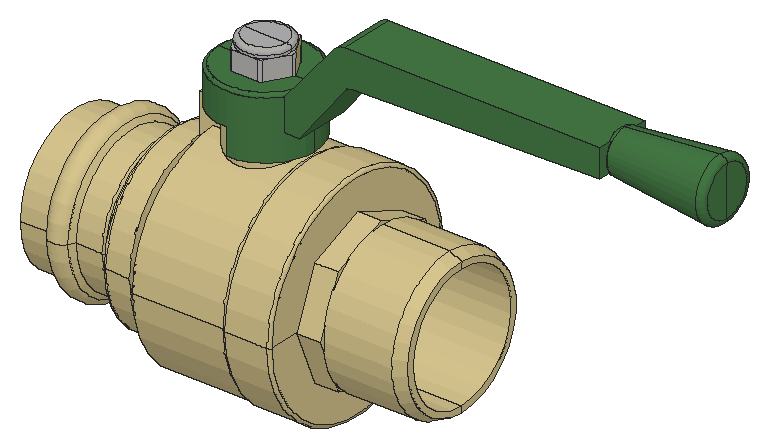
Revit family "QA12160000", category Apparecchi idraulici, Revit 2016
Family settings
  Tipo di parte = Normale
  Quota connettore circolare = Usa diametro
  Numero OmniClass = 23.45.00.00
  Titolo OmniClass = Sanitary, Laundry, and Cleaning Equipment
  Basato su piano di lavoro = No
  Sempre verticale = Sì
  Taglio con vuoti quando caricato = No
  Condiviso = No
  Punto di calcolo locali = No
Parameters
  URL = "https://web.cimberio.it/index.php/figura/1491?subcategoria_id=102"
  Produttore = "CIMBERIO SPA"
  Modello = "Cim 1221CRNLMA"
  DN Model [instance] = QA12165106 : QA12165106
  DN [instance] = 40 mm
Reference planes
  plane 1 "Centro (Fronte/Retro)": y = 0
  plane 2: z = 0
  plane 3 "Centro (Sinistra/Destra)": x = 0
Dimensions and locks
  aligned and locked: level to plane 2
Nested families
  nested 1: "QA12165106" at (0, 0, 0), type <- "DN Model", type "QA12165106"
    with DN 10 mm
  nested 2: "QA12165106" at (0, 0, 0), type <- "DN Model", type "QA12165106"
    with DN 10 mm
  nested 3: "QA12165106" at (0, 0, 0), type <- "DN Model", type "QA12165106"
    with DN 10 mm
  nested 4: "QA12165106" at (0, 0, 0), type <- "DN Model", type "QA12165106"
    with DN 10 mm
  nested 5: "QA12165106" at (0, 0, 0), type <- "DN Model", type "QA12165106"
    with DN 10 mm
  nested 6: "QA12165106" at (0, 0, 0), type <- "DN Model", type "QA12165106"
    with DN 10 mm
  nested 7: "QA12165106" at (0, 0, 0), type <- "DN Model", type "QA12165106"
    with DN 10 mm
  nested 8: "QA12165106" at (0, 0, 0), type <- "DN Model", type "QA12165106"
    with DN 10 mm
  nested 9: "QA12165106" at (0, 0, 0), type <- "DN Model", type "QA12165106"
    with DN 10 mm
Connectors
  piping at (63.75, 0, 0), diameter 40, driven by "DN"
    settings: on nested 1, index 1, connector inside diameter 609.6 mm, connector length 0 mm, flow factor 0, pipe flow 0.0 L/s, pressure drop 0.0 Pa, fitting loss kfactor 0, connector angle 0.00°, fixture units 0, engagement length 0 mm, angle of deflection 0.00°, flow configuration 0, flow direction 0, fitting loss method 0, system type 7, joint type 0, gender type 0, connector reference index -1, connector utility 0, adjustable connector no, is connector primary yes, connector description ""
  piping at (-61.251, 0, 0), diameter 40, driven by "DN"
    settings: on nested 1, index 2, connector inside diameter 609.6 mm, connector length 0 mm, flow factor 0, pipe flow 0.0 L/s, pressure drop 0.0 Pa, fitting loss kfactor 0, connector angle 0.00°, fixture units 0, engagement length 0 mm, angle of deflection 0.00°, flow configuration 0, flow direction 0, fitting loss method 0, system type 7, joint type 0, gender type 0, connector reference index -1, connector utility 0, adjustable connector no, is connector primary no, connector description ""
Definition of nested family "QA12165106"
  Parameters (values of type "QA12165106")
    DN [instance] = 10 mm  # constant formula
  Reference planes
    plane 1 "Centro (Fronte/Retro)": y = 0
    plane 2: z = 0
    plane 3 "Centro (Sinistra/Destra)": x = 0
  Forms (mm)
    Revolve 1, solid
      sketch origin (0, 0, 0) x (1, 0, 0) y (0, 1, 0)
        loop
          line (-61.244, 20) -> (29.75, 20) -> (29.75, 34.499)
          arc (29.75, 34.499) -> (29.457, 35.207) -> (28.749, 35.5) r 1.001
          line (28.749, 35.5) -> (15.25, 35.5)
          arc (15.25, 35.5) -> (14.562, 34.983) -> (13.722, 34.8) r 2.019
          line (13.722, 34.8) -> (-15.45, 34.8) -> (-21.25, 29) -> (-28.75, 29)
          arc (-28.75, 29) -> (-29.457, 28.707) -> (-29.75, 28) r 1
          line (-29.75, 28) -> (-29.75, 25.6)
          arc (-29.75, 25.6) -> (-30.336, 24.186) -> (-31.75, 23.6) r 2
          line (-31.75, 23.6) -> (-33.25, 23.6)
          arc (-33.25, 23.6) -> (-33.972, 23.302) -> (-34.747, 23.2) r 3
          line (-34.747, 23.2) -> (-43.247, 23.2) -> (-44.286, 25)
          arc (-44.286, 25) -> (-47.75, 27) -> (-51.214, 25) r 4
          line (-51.214, 25) -> (-52.253, 23.2) -> (-61.251, 23.2) -> (-61.244, 20)
        axis (-61.251, 0) -> (29.75, 0)
      angle from 0 to 360
    Revolve 2, solid
      sketch origin (0, 0, 0) x (1, 0, 0) y (0, 0, 1)
        loop
          line (0.056, 47.8) -> (-10, 47.8) -> (-10, 43) -> (-11.388, 43) -> (-11.388, 31.761) -> (0.056, 31.761) -> (0.056, 47.8)
        axis (0.056, 31.761) -> (0.056, 47.8)
      angle from 0 to 360
    Extrusion 3, solid
      sketch origin (0, 0, 0) x (1, 0, 0) y (0, 0, 1)
        loop
          line (-11.388, 43) -> (-20, 43) -> (-20, 28.911) -> (-11.388, 28.911) -> (-11.388, 43)
      from -1.6 to 1.7
    Revolve 4, solid
      sketch origin (0, 0, 0) x (1, 0, 0) y (0, 0, 1)
        loop
          line (0, 54.3) -> (-9.25, 54.3) -> (-9.25, 51.8) -> (0, 51.8) -> (0, 54.3)
        axis (0, 54.3) -> (0, 51.8)
      angle from 0 to 360
    Revolve 5, solid
      sketch origin (0, 0, 1.509) x (1, 0, 0) y (0, 0, 1)
        loop
          line (0, 64.3) -> (0, 62) -> (8.25, 62) -> (8.25, 62.8)
          arc (8.25, 62.8) -> (7.811, 63.861) -> (6.75, 64.3) r 1.5
          line (6.75, 64.3) -> (0, 64.3)
        axis (0, 64.3) -> (0, 62)
      angle from 0 to 360
    Extrusion 6, solid
      sketch origin (0, 0, 30.059) x (1, 0, 0) y (0, 1, 0)
        loop
          line (9.352, 0.6) -> (5.198, 7.795)
          arc (5.198, 7.795) -> (4.756, 8.237) -> (4.152, 8.399) r 1.208
          line (4.152, 8.399) -> (-4.173, 8.399)
          arc (-4.173, 8.399) -> (-4.759, 8.242) -> (-5.187, 7.814) r 1.171
          line (-5.187, 7.814) -> (-9.362, 0.583)
          arc (-9.362, 0.583) -> (-9.518, 0) -> (-9.362, -0.583) r 1.165
          line (-9.362, -0.583) -> (-5.187, -7.813)
          arc (-5.187, -7.813) -> (-4.759, -8.242) -> (-4.173, -8.399) r 1.171
          line (-4.173, -8.399) -> (4.165, -8.399)
          arc (4.165, -8.399) -> (4.757, -8.24) -> (5.191, -7.806) r 1.185
          line (5.191, -7.806) -> (9.352, -0.6)
          arc (9.352, -0.6) -> (9.513, 0) -> (9.352, 0.6) r 1.2
      from 25.75 to 33.45
    Revolve 7, solid
      sketch origin (0, 0, 0) x (1, 0, 0) y (0, 0, 1)
        loop
          arc (-15, 57.309) -> (-15.707, 57.016) -> (-16, 56.309) r 1
          line (-16, 56.309) -> (-16, 37.309) -> (0, 37.309) -> (0, 57.309) -> (-15, 57.309)
        axis (0, 57.309) -> (0, 37.309)
      angle from 0 to 360
    Extrusion 8, solid
      sketch origin (0, 0, 0) x (1, 0, 0) y (0, 0, 1)
        loop
          line (11.993, 54.658) -> (11.993, 45.809) -> (18.275, 45.809) -> (33.421, 65.358)
          arc (33.421, 65.358) -> (34.098, 65.917) -> (34.949, 66.133) r 2
          line (34.949, 66.133) -> (116, 68.309) -> (116, 77.309) -> (32.865, 77.309)
          arc (32.865, 77.309) -> (31.175, 76.935) -> (29.801, 75.88) r 4
          line (29.801, 75.88) -> (11.993, 54.658)
      from -8.992 to 9.008
    Revolve 9, solid
      sketch origin (0, 0, 0) x (1, 0, 0) y (0, 0, 1)
        loop
          line (115.492, 79.233) -> (113.362, 77.102) -> (113.362, 72.809) -> (150, 72.809) -> (150, 80.819)
          arc (150, 80.819) -> (149.345, 82.299) -> (147.808, 82.809) r 2
          line (147.808, 82.809) -> (116.715, 79.809)
          arc (116.715, 79.809) -> (116.053, 79.627) -> (115.492, 79.233) r 2
        axis (113.362, 72.809) -> (150, 72.809)
      angle from 0 to 360
    Extrusion 10, void
      sketch origin (0, 0, 28.55) x (1, 0, 0) y (0, 1, 0)
        loop
          line (-10.868, -1.7) -> (-16.923, -1.7)
          arc (-16.923, -1.7) -> (-11.41, -12.613) -> (0, -17.008) r 17.008
          line (0, -17.008) -> (0, -11)
          arc (0, -11) -> (-7.152, -8.358) -> (-10.868, -1.7) r 11
      from 7.714 to 17.259
    Extrusion 11, solid
      sketch origin (0, 0, 0) x (0, 1, 0) y (0, 0, 1)
        loop
          circle (0, 0) r 20
        loop
          line (0, 24.75) -> (-17.501, 17.501) -> (-24.75, 0) -> (-17.501, -17.501) -> (0, -24.75) -> (17.501, -17.501) -> (24.75, 0) -> (17.501, 17.501) -> (0, 24.75)
      from 29.75 to 37.726
    Revolve 12, solid
      sketch origin (0, 0, 0) x (1, 0, 0) y (0, 0, 1)
        loop
          line (37.726, 23.759) -> (37.726, 20) -> (63.75, 20) -> (63.75, 21.912) -> (59.962, 23.759) -> (37.726, 23.759)
        axis (63.75, 0) -> (37.726, 0)
      angle from 0 to 360
  Cuts and joins
    Extrusion 10 cuts Revolve 1
    Extrusion 10 cuts Extrusion 3
    Extrusion 10 cuts Revolve 7
  Dimensions and locks
    aligned and locked: level to plane 2
